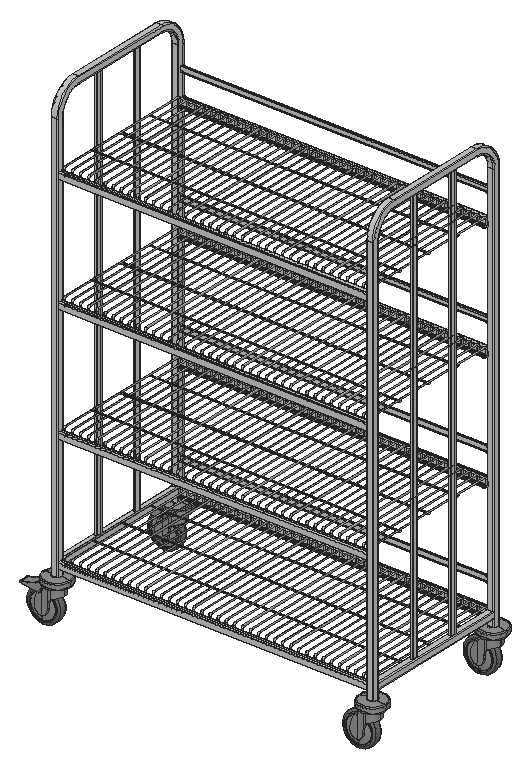
Revit family "QF_BPRO_KTTW 4_575109", category Sonderausstattung, Revit 2018
Family settings
  Bemaßung runder Anschluss = Durchmesser verwenden
  Teiletyp = Normal
  Arbeitsebenenbasiert = Nein
  Immer vertikal = Ja
  Beim Laden mit Abzugskörper schneiden = Nein
  Gemeinsam genutzt = Nein
  Raumberechnungspunkt = Nein
Parameters (values of type "KTTW 4")
  Zubehör = yes
  Warnhinweise = ""
  URL = "https://www.bpro-solutions.com/"
  Typenkommentare = "Systemteilewagen"
  Tiefe = 1276 mm
  Modell = "KTTW 4"
  Material Stoßschutz = QF_Plastic-Dark_Grey-Matt
  Material Rollen = QF_Plastic-Dark_Grey-Matt
  Material = QF_Metal-Stainless-Steel_general
  Länge Gerätebreite = 663 mm
  Kosten = 1279
  Internetadresse für Ersatzteilliste = ""
  Internetadresse Gerätehersteller = "https://www.bpro-solutions.com/"
  ID [instance] = ""
  Höhe = 1801 mm
  Hersteller = "B.PRO GmbH"
  Großküchengerätezuordnung = yes
  Gerätegewicht Netto = 27.00 kg
  Freiraum [instance] = no
  CE Kennzeichnung = yes
  Beschreibung durch Hersteller analog Leistungsverzeichnislangtext = "Abmessungen\n\nLänge:\t\t\t1276 mm\nBreite:\t\t663 mm  \nHöhe:\t\t1801 mm\n\n\nAusführung\n\nDer Systemteilewagen besteht komplett aus CNS 18/10 und dient zur Lagerung von Systemteilen (Kompakttablett Unter- und Oberteile). \nDas Rahmengestell besteht aus stabilen Vierkantrohr 25x25 mm. Dazwischen sind 4 Tragrahmen eingeschweißt, die zur Aufnahme lose eingelegter Roste dienen. Die Roste sind speziell für die Lagerung der o.g. Systemteile ausgerichtet. Stirnseitig sind auf jeder Seite jeweils 2 Vierkantrohre als zusätzliche Verstärkung und Kippsicherung der eingestellten Systemteile vertikal eingeschweißt. Darüber hinaus ist der Systemteilewagen mit einer längsseitigen Durchschubsicherung aus einem eingeschweißten Vierkantrohr je Auflagefläche ausgestattet.\n\nDer Systemteilewagen ist fahrbar mittels rostfreien Kunststoffrollen gemäß DIN 18867-8 (2 Block- und 2 Lenkrollen mit Feststeller, Rollendurchmesser 125 mm). An allen vier Ecken befinden sich runde Wandabweiser.\n\n\nTechnische Daten\n\nWerkstoff:\t\tCNS 18/10\nGewicht:\t\t39 kg\nAuflageflächen: \t4 Stück\nMaß Auflagefläche:\t1150 x 537 mm  \nLichtes Maß zwischen \nden Auflageflächen:\t404 mm\nKapazität:\tca. 60 – 80 Unter- und Oberteile\t\n\t\t\t\n\t\t\t\t\nBesonderheit\n\n•\tmit längsseitiger Durchschubsicherung je Auflagefläche\n\n\nFabrikat\n\nHersteller:\t\t \tB.PRO\nModell:                                \tKTTW 4\nBest.Nr.\t575 109"
  Description = "KTTW 4\nSystemteilewagen mit 4 Ablagen,\nmit Durchschubsicherung,\nkomplett aus Edelstahl, dient zur Lagerung\nvon Systemteilen (Kompakttablett\nUnter- und Oberteile)\nMaß Auflagefläche: 1150 x 537 mm\nLichtes Maß zwischen\nden Auflageflächen: 404 mm\nKapazität: ca. 60 – 80 Unter- und\nOberteile"
  Artikel Nummer = "575109"
Reference planes
  plane 1 "Mitte (Vorne/hinten)": y = 0
  plane 2: z = 0
  plane 3 "Mitte (Links/rechts)": x = 0
  plane 4: y = -281
  plane 5: y = 281
  plane 6 "v": x = -587.5
  plane 7 "h": x = 587.5
  plane 8: x = -600
  plane 9: x = 600
Forms (mm)
  Extrusion 1, solid, material "QF_Metal-Stainless-Steel_general" <- "Material"
    sketch origin (0, 0, 0) x (1, 0, 0) y (0, 0, 1)
      loop
        arc (-597, 225) -> (-599.121, 224.121) -> (-600, 222) r 3
        line (-600, 222) -> (-600, 203)
        arc (-600, 203) -> (-599.121, 200.879) -> (-597, 200) r 3
        line (-597, 200) -> (-578, 200)
        arc (-578, 200) -> (-575.879, 200.879) -> (-575, 203) r 3
        line (-575, 203) -> (-575, 222)
        arc (-575, 222) -> (-575.879, 224.121) -> (-578, 225) r 3
        line (-578, 225) -> (-597, 225)
      loop
        line (597, 225) -> (578, 225)
        arc (578, 225) -> (575.879, 224.121) -> (575, 222) r 3
        line (575, 222) -> (575, 203)
        arc (575, 203) -> (575.879, 200.879) -> (578, 200) r 3
        line (578, 200) -> (597, 200)
        arc (597, 200) -> (599.121, 200.879) -> (600, 203) r 3
        line (600, 203) -> (600, 222)
        arc (600, 222) -> (599.121, 224.121) -> (597, 225) r 3
    from -268.5 to 268.5
  Sweep 2, solid, material "QF_Metal-Stainless-Steel_general" <- "Material"
    path origin (0, 0, 0) x (0, 1, 0) y (0, 0, 1)
      loop
        line (-281, 161.5) -> (-281, 1701)
        arc (-281, 1701) -> (-255.372, 1762.872) -> (-193.5, 1788.5) r 87.5
        line (-193.5, 1788.5) -> (193.5, 1788.5)
        arc (193.5, 1788.5) -> (255.372, 1762.872) -> (281, 1701) r 87.5
        line (281, 1701) -> (281, 161.5)
    profile origin (0, -281, 931.25) x (0, -1, 0) y (1, 0, 0)
      loop
        arc (12.5, -578) -> (11.621, -575.879) -> (9.5, -575) r 3
        line (9.5, -575) -> (-9.5, -575)
        arc (-9.5, -575) -> (-11.621, -575.879) -> (-12.5, -578) r 3
        line (-12.5, -578) -> (-12.5, -597)
        arc (-12.5, -597) -> (-11.621, -599.121) -> (-9.5, -600) r 3
        line (-9.5, -600) -> (9.5, -600)
        arc (9.5, -600) -> (11.621, -599.121) -> (12.5, -597) r 3
        line (12.5, -597) -> (12.5, -578)
  Sweep 3, solid, material "QF_Metal-Stainless-Steel_general" <- "Material"
    path origin (0, 0, 0) x (0, 1, 0) y (0, 0, -1)
      loop
        line (-281, -161.5) -> (-281, -1701)
        arc (-281, -1701) -> (-255.372, -1762.872) -> (-193.5, -1788.5) r 87.5
        line (-193.5, -1788.5) -> (193.5, -1788.5)
        arc (193.5, -1788.5) -> (255.372, -1762.872) -> (281, -1701) r 87.5
        line (281, -1701) -> (281, -161.5)
    profile origin (0, -281, 931.25) x (0, 1, 0) y (-1, 0, 0)
      loop
        line (-12.5, -578) -> (-12.5, -597)
        arc (-12.5, -597) -> (-11.621, -599.121) -> (-9.5, -600) r 3
        line (-9.5, -600) -> (9.5, -600)
        arc (9.5, -600) -> (11.621, -599.121) -> (12.5, -597) r 3
        line (12.5, -597) -> (12.5, -578)
        arc (12.5, -578) -> (11.621, -575.879) -> (9.5, -575) r 3
        line (9.5, -575) -> (-9.5, -575)
        arc (-9.5, -575) -> (-11.621, -575.879) -> (-12.5, -578) r 3
  Extrusion 4, solid, material "QF_Metal-Stainless-Steel_general" <- "Material"
    sketch origin (0, 0, 0) x (1, 0, 0) y (0, 1, 0)
      loop
        arc (-590.5, 99.5) -> (-591.914, 98.914) -> (-592.5, 97.5) r 2
        line (-592.5, 97.5) -> (-592.5, 81.5)
        arc (-592.5, 81.5) -> (-591.914, 80.086) -> (-590.5, 79.5) r 2
        line (-590.5, 79.5) -> (-584.5, 79.5)
        arc (-584.5, 79.5) -> (-583.086, 80.086) -> (-582.5, 81.5) r 2
        line (-582.5, 81.5) -> (-582.5, 97.5)
        arc (-582.5, 97.5) -> (-583.086, 98.914) -> (-584.5, 99.5) r 2
        line (-584.5, 99.5) -> (-590.5, 99.5)
      loop
        line (-590.5, -99.5) -> (-584.5, -99.5)
        arc (-584.5, -99.5) -> (-583.086, -98.914) -> (-582.5, -97.5) r 2
        line (-582.5, -97.5) -> (-582.5, -81.5)
        arc (-582.5, -81.5) -> (-583.086, -80.086) -> (-584.5, -79.5) r 2
        line (-584.5, -79.5) -> (-590.5, -79.5)
        arc (-590.5, -79.5) -> (-591.914, -80.086) -> (-592.5, -81.5) r 2
        line (-592.5, -81.5) -> (-592.5, -97.5)
        arc (-592.5, -97.5) -> (-591.914, -98.914) -> (-590.5, -99.5) r 2
      loop
        line (590.5, 99.5) -> (584.5, 99.5)
        arc (584.5, 99.5) -> (583.086, 98.914) -> (582.5, 97.5) r 2
        line (582.5, 97.5) -> (582.5, 81.5)
        arc (582.5, 81.5) -> (583.086, 80.086) -> (584.5, 79.5) r 2
        line (584.5, 79.5) -> (590.5, 79.5)
        arc (590.5, 79.5) -> (591.914, 80.086) -> (592.5, 81.5) r 2
        line (592.5, 81.5) -> (592.5, 97.5)
        arc (592.5, 97.5) -> (591.914, 98.914) -> (590.5, 99.5) r 2
      loop
        arc (590.5, -99.5) -> (591.914, -98.914) -> (592.5, -97.5) r 2
        line (592.5, -97.5) -> (592.5, -81.5)
        arc (592.5, -81.5) -> (591.914, -80.086) -> (590.5, -79.5) r 2
        line (590.5, -79.5) -> (584.5, -79.5)
        arc (584.5, -79.5) -> (583.086, -80.086) -> (582.5, -81.5) r 2
        line (582.5, -81.5) -> (582.5, -97.5)
        arc (582.5, -97.5) -> (583.086, -98.914) -> (584.5, -99.5) r 2
        line (584.5, -99.5) -> (590.5, -99.5)
    from 225 to 1776
  Extrusion 5, solid, material "QF_Metal-Stainless-Steel_general" <- "Material"
    sketch origin (0, 0, 0) x (0, 1, 0) y (0, 0, 1)
      loop
        arc (278, 330) -> (276.586, 329.414) -> (276, 328) r 2
        line (276, 328) -> (276, 312)
        arc (276, 312) -> (276.586, 310.586) -> (278, 310) r 2
        line (278, 310) -> (284, 310)
        arc (284, 310) -> (285.414, 310.586) -> (286, 312) r 2
        line (286, 312) -> (286, 328)
        arc (286, 328) -> (285.414, 329.414) -> (284, 330) r 2
        line (284, 330) -> (278, 330)
      loop
        arc (278, 763.5) -> (276.586, 762.914) -> (276, 761.5) r 2
        line (276, 761.5) -> (276, 745.5)
        arc (276, 745.5) -> (276.586, 744.086) -> (278, 743.5) r 2
        line (278, 743.5) -> (284, 743.5)
        arc (284, 743.5) -> (285.414, 744.086) -> (286, 745.5) r 2
        line (286, 745.5) -> (286, 761.5)
        arc (286, 761.5) -> (285.414, 762.914) -> (284, 763.5) r 2
        line (284, 763.5) -> (278, 763.5)
      loop
        arc (278, 1197) -> (276.586, 1196.414) -> (276, 1195) r 2
        line (276, 1195) -> (276, 1179)
        arc (276, 1179) -> (276.586, 1177.586) -> (278, 1177) r 2
        line (278, 1177) -> (284, 1177)
        arc (284, 1177) -> (285.414, 1177.586) -> (286, 1179) r 2
        line (286, 1179) -> (286, 1195)
        arc (286, 1195) -> (285.414, 1196.414) -> (284, 1197) r 2
        line (284, 1197) -> (278, 1197)
      loop
        arc (278, 1630.5) -> (276.586, 1629.914) -> (276, 1628.5) r 2
        line (276, 1628.5) -> (276, 1612.5)
        arc (276, 1612.5) -> (276.586, 1611.086) -> (278, 1610.5) r 2
        line (278, 1610.5) -> (284, 1610.5)
        arc (284, 1610.5) -> (285.414, 1611.086) -> (286, 1612.5) r 2
        line (286, 1612.5) -> (286, 1628.5)
        arc (286, 1628.5) -> (285.414, 1629.914) -> (284, 1630.5) r 2
        line (284, 1630.5) -> (278, 1630.5)
    from -575 to 575
  Extrusion 6, solid, visible <- "Freiraum"
    sketch origin (1164.781, 72.403, 0) x (1, 0, 0) y (0, 1, 0)
      loop
        line (-1802.8, 259.116) -> (-1802.8, -403.922) -> (-526.763, -403.922) -> (-526.763, 259.116) -> (-1802.8, 259.116)
    from 0 to 1801
Cuts and joins
  joined: Extrusion 1, Sweep 2, Sweep 3, Extrusion 4, Extrusion 5
Dimensions and locks
  aligned and locked: level to plane 2
Nested families
  nested 1: "Stoßschutz_Typ1" at (-587.5, 281, 173), type "Stoßschutz_Typ1"
  nested 2: "Stoßschutz_Typ1" at (587.5, 281, 173), type "Stoßschutz_Typ1"
  nested 3: "Stoßschutz_Typ1" at (587.5, -281, 173), type "Stoßschutz_Typ1"
  nested 4: "Stoßschutz_Typ1" at (-587.5, -281, 173), type "Stoßschutz_Typ1"
  nested 5: "Rolle_125mm_Typ1_1" at (-587.5, 281, 0) x (0, -1, 0) z (0, 0, 1), type "Bremse ohne Platte"
  nested 6: "Rolle_125mm_Typ1_1" at (-587.5, -281, 0) x (0, -1, 0) z (0, 0, 1), type "Bremse ohne Platte"
  nested 7: "Rolle_125mm_Typ1_1" at (587.5, 281, 0) x (0, -1, 0) z (0, 0, 1), type "ohne Bremse ohne Platte"
  nested 8: "Rolle_125mm_Typ1_1" at (587.5, -281, 0) x (0, -1, 0) z (0, 0, 1), type "ohne Bremse ohne Platte"
  nested 9: "Einlegeboden_Typ2" at (0, 0, 233.963) x (0, 1, 0) z (0, 0, 1), type "Einlegeboden_Typ2"
    with Tiefe 1150 mm, Breite 562 mm, B 534 mm
  nested 10: "Einlegeboden_Typ2" at (0, 0, 667.463) x (0, 1, 0) z (0, 0, 1), type "Einlegeboden_Typ2"
    with Tiefe 1150 mm, Breite 562 mm, B 534 mm
  nested 11: "Einlegeboden_Typ2" at (0, 0, 1100.963) x (0, 1, 0) z (0, 0, 1), type "Einlegeboden_Typ2"
    with Tiefe 1150 mm, Breite 562 mm, B 534 mm
  nested 12: "Einlegeboden_Typ2" at (0, 0, 1534.463) x (0, 1, 0) z (0, 0, 1), type "Einlegeboden_Typ2"
    with Tiefe 1150 mm, Breite 562 mm, B 534 mm
Definition of nested family "Stoßschutz_Typ1"
  Parameters (values of type "Stoßschutz_Typ1")
    Material = none
  Reference planes
    plane 1 "Mitte (Vorne/hinten)": y = 0
    plane 2: z = 0
    plane 3 "Mitte (Links/rechts)": x = 0
    plane 4: z = -13.387
  Forms (mm)
    Revolve 1, solid, material <- "Material"
      sketch origin (0, 0, 0) x (1, 0, 0) y (0, 0, 1)
        loop
          line (0, 0) -> (-20.142, 0)
          arc (-20.142, 0) -> (-33.904, -1.519) -> (-47.593, -3.59) r 344.486
          arc (-47.593, -3.59) -> (-49.69, -4.792) -> (-50.519, -7.062) r 3.522
          line (-50.519, -7.062) -> (-50.519, -22)
          arc (-50.519, -22) -> (-49.933, -23.414) -> (-48.519, -24) r 2
          line (-48.519, -24) -> (-47.519, -24) -> (-47.519, -6.622)
          arc (-47.519, -6.622) -> (-33.8, -4.531) -> (-20.007, -3) r 341.486
          line (-20.007, -3) -> (0, -3) -> (0, 0)
        axis (0, -24) -> (0, 0)
      angle from 0 to 360
  Dimensions and locks
    aligned and locked: level to plane 2
Definition of nested family "Rolle_125mm_Typ1_1"
  Parameters (values of type "Bremse ohne Platte")
    Meterial Felge = none
    Material Rolle = none
    Material Korpus = none
    Bremse = yes
    Befestigungsplatte = no
  Types (4, lengths in mm): name | Bremse | Befestigungsplatte
    Bremse und Platte | yes | yes
    Bremse ohne Platte | yes | no
    ohne Bremse mit Platte | no | yes
    ohne Bremse ohne Platte | no | no
  Reference planes
    plane 1 "Mitte (Vorne/hinten)": y = 0
    plane 2: z = 0
    plane 3 "Mitte (Links/rechts)": x = 0
    plane 4 "achse": y = -40.006
    plane 5: y = -27.583
    plane 6: y = 27.583
    plane 7: x = -19.406
    plane 8: x = 19.406
  Forms (mm)
    Extrusion 1, solid, material <- "Material Korpus"
      sketch origin (0, 0, 0) x (0, 1, 0) y (0, 0, 1)
        loop
          arc (29.483, 153.125) -> (-36.251, 126.766) -> (-66.01, 62.5) r 95.978
          arc (-66.01, 62.5) -> (-40.006, 36.495) -> (-14.001, 62.5) r 26.005
          arc (-14.001, 62.5) -> (-2.667, 96.712) -> (29.483, 112.998) r 47.282
          line (29.483, 112.998) -> (29.483, 153.125)
      from -29.5 to 29.5
    Extrusion 2, void
      sketch origin (0, 0, 0) x (1, 0, 0) y (0, 1, 0)
        loop
          arc (29.5, 0) -> (29.227, -5.123) -> (28.412, -10.188) r 48.241
          arc (28.412, -10.188) -> (26.103, -25.015) -> (25.536, -40.009) r 128.719
          arc (25.536, -40.009) -> (24.89, -53.073) -> (22.96, -66.01) r 132.493
          line (22.96, -66.01) -> (22.96, -71.01) -> (32.96, -71.01) -> (32.96, 33.99) -> (-32.96, 33.99) -> (-32.96, -71.01) -> (-22.96, -71.01) -> (-22.96, -66.01)
          arc (-22.96, -66.01) -> (-24.89, -53.073) -> (-25.536, -40.009) r 132.493
          arc (-25.536, -40.009) -> (-26.103, -25.015) -> (-28.412, -10.188) r 128.719
          arc (-28.412, -10.188) -> (-29.227, -5.123) -> (-29.5, 0) r 48.241
          arc (-29.5, 0) -> (0, 29.5) -> (29.5, 0) r 29.5
        loop
          arc (24.5, 0) -> (0, 24.5) -> (-24.5, 0) r 24.5
          arc (-24.5, 0) -> (-24.255, -4.592) -> (-23.525, -9.132) r 43.241
          arc (-23.525, -9.132) -> (-21.129, -24.509) -> (-20.536, -40.06) r 133.719
          arc (-20.536, -40.06) -> (-19.888, -52.85) -> (-17.96, -65.51) r 127.493
          line (-17.96, -65.51) -> (-17.96, -76.01) -> (17.96, -76.01) -> (17.96, -65.51)
          arc (17.96, -65.51) -> (19.888, -52.85) -> (20.536, -40.06) r 127.493
          arc (20.536, -40.06) -> (21.129, -24.509) -> (23.525, -9.132) r 133.719
          arc (23.525, -9.132) -> (24.255, -4.592) -> (24.5, 0) r 43.241
      from 0 to 161.3
    Extrusion 3, solid, material <- "Material Korpus"
      sketch origin (0, 0, 0) x (1, 0, 0) y (0, 1, 0)
        loop
          circle (0, 0) r 27.583
        loop
          circle (0, 0) r 22.583
      from 132.308 to 154.969
    Extrusion 4, void
      sketch origin (0, 0, 0) x (0, 1, 0) y (0, 0, 1)
        loop
          arc (29.483, 148.125) -> (-1.46, 142.58) -> (-28.669, 126.834) r 90.978
          line (-28.669, 126.834) -> (29.483, 126.834) -> (29.483, 148.125)
      from -30 to 30
    Extrusion 5, solid, material <- "Material Korpus"
      sketch origin (0, 0, 0) x (0, 1, 0) y (0, 0, 1)
        loop
          arc (0, 148.376) -> (-26.751, 134.682) -> (-47.956, 113.387) r 95.978
          line (-47.956, 113.387) -> (-43.905, 110.457)
          arc (-43.905, 110.457) -> (-24.464, 130.157) -> (0, 143.1) r 90.978
          line (0, 143.1) -> (0, 148.376)
      from -23.033 to 23
    Extrusion 6, void
      sketch origin (0, 0, 0) x (1, 0, 0) y (0, 1, 0)
        loop
          circle (-0.017, 0) r 22.583
      from 106.63 to 154.969
    Extrusion 7, void
      sketch origin (0, 0, 0) x (1, 0, 0) y (0, 1, 0)
        loop
          line (-20.288, -47.956) -> (-20.288, -52.956) -> (20.288, -52.956) -> (20.288, -47.956)
          arc (20.288, -47.956) -> (0, -27.669) -> (-20.288, -47.956) r 20.288
      from 83.979 to 153.125
    Revolve 8, solid, material <- "Material Korpus"
      sketch origin (0, 0, 0) x (0, 1, 0) y (0, 0, 1)
        loop
          line (-27.583, 155.817) -> (-22.583, 155.817) -> (-22.583, 154.969) -> (0, 154.969) -> (0, 160.495) -> (-27.583, 160.495) -> (-27.583, 155.817)
        axis (0, 160.495) -> (0, 154.969)
      angle from 0 to 360
    Extrusion 9, solid, material <- "Material Korpus", visible <- "Befestigungsplatte"
      sketch origin (0, 0, 0) x (1, 0, 0) y (0, 1, 0)
        loop
          line (30, 47.5) -> (-30, 47.5)
          arc (-30, 47.5) -> (-33.536, 46.036) -> (-35, 42.5) r 5
          line (-35, 42.5) -> (-35, -42.5)
          arc (-35, -42.5) -> (-33.536, -46.036) -> (-30, -47.5) r 5
          line (-30, -47.5) -> (30, -47.5)
          arc (30, -47.5) -> (33.536, -46.036) -> (35, -42.5) r 5
          line (35, -42.5) -> (35, 42.5)
          arc (35, 42.5) -> (33.536, 46.036) -> (30, 47.5) r 5
      from 158.8 to 161.3
    Revolve 10, solid, material <- "Material Rolle"
      sketch origin (0, -40.006, 0) x (0, 0, -1) y (1, 0, 0)
        loop
          line (-62.5, -12.996) -> (-14.712, -12.996) -> (-14.629, -14.183)
          arc (-14.629, -14.183) -> (-14.012, -15.475) -> (-12.68, -16) r 1.953
          line (-12.68, -16) -> (-7.356, -16)
          arc (-7.356, -16) -> (-3.064, -14.525) -> (-0.584, -10.724) r 6.984
          arc (-0.584, -10.724) -> (0.747, 0) -> (-0.584, 10.724) r 43.854
          arc (-0.584, 10.724) -> (-3.064, 14.525) -> (-7.356, 16) r 6.984
          line (-7.356, 16) -> (-12.68, 16)
          arc (-12.68, 16) -> (-14.012, 15.475) -> (-14.629, 14.183) r 1.953
          line (-14.629, 14.183) -> (-14.712, 12.996) -> (-62.5, 12.996) -> (-62.5, -12.996)
        axis (-62.5, -16) -> (-62.5, 16)
      angle from 0 to 360
    Revolve 11, solid, material <- "Meterial Felge"
      sketch origin (0, -40.006, 0) x (0, 0, -1) y (1, 0, 0)
        loop
          arc (-62.5, -22.767) -> (-38.311, -20.846) -> (-14.712, -15.198) r 156.034
          line (-14.712, -15.198) -> (-14.712, 15.198)
          arc (-14.712, 15.198) -> (-38.311, 20.846) -> (-62.5, 22.767) r 156.034
          line (-62.5, 22.767) -> (-62.5, -22.767)
        axis (-62.5, -22.767) -> (-62.5, 22.767)
      angle from 0 to 360
    Extrusion 12, solid, material <- "Material Korpus", visible <- "Bremse"
      sketch origin (0, 0, 0) x (0, 1, 0) y (0, 0, 1)
        loop
          arc (-49.4, 105.824) -> (-29.128, 129.052) -> (-2.377, 144.374) r 92.978
          line (-2.377, 144.374) -> (-24.983, 146.448)
          arc (-24.983, 146.448) -> (-43.484, 142.245) -> (-61.13, 135.276) r 124.365
          arc (-61.13, 135.276) -> (-90.048, 124.527) -> (-120.492, 119.527) r 160.001
          arc (-120.492, 119.527) -> (-121.721, 118.993) -> (-122.334, 117.801) r 1.991
          line (-122.334, 117.801) -> (-123.025, 112.581) -> (-49.4, 105.824)
      from -25 to 25
    Extrusion 13, void
      sketch origin (0, 0, 0) x (1, 0, 0) y (0, 1, 0)
        loop
          line (-24.687, -2.377) -> (-40, -2.377) -> (-40, -137.377) -> (-17.56, -137.377)
          arc (-17.56, -137.377) -> (-23.153, -69.984) -> (-24.687, -2.377) r 1125.228
        loop
          arc (-21.687, -2.377) -> (-20.149, -69.984) -> (-14.54, -137.377) r 1122.228
          line (-14.54, -137.377) -> (14.54, -137.377)
          arc (14.54, -137.377) -> (20.149, -69.984) -> (21.687, -2.377) r 1122.228
          line (21.687, -2.377) -> (-21.687, -2.377)
        loop
          arc (24.687, -2.377) -> (23.153, -69.984) -> (17.56, -137.377) r 1125.228
          line (17.56, -137.377) -> (40, -137.377) -> (40, -2.377) -> (24.687, -2.377)
      from 100.163 to 161.8
    Extrusion 14, void
      sketch origin (0, 0, 0) x (1, 0, 0) y (0, 1, 0)
        loop
          circle (0, 0) r 27.583
      from 83.929 to 175.029
    Extrusion 15, solid, material <- "Material Korpus", visible <- "Bremse"
      sketch origin (0, 0, 0) x (0, 1, 0) y (0, 0, 1)
        loop
          line (-12.244, 145.279) -> (-24.983, 146.448)
          arc (-24.983, 146.448) -> (-43.484, 142.245) -> (-61.13, 135.276) r 124.365
          arc (-61.13, 135.276) -> (-90.048, 124.527) -> (-120.492, 119.527) r 160.001
          arc (-120.492, 119.527) -> (-121.721, 118.993) -> (-122.334, 117.801) r 1.991
          line (-122.334, 117.801) -> (-123.013, 112.668) -> (-120.843, 112.381) -> (-120.293, 116.533)
          arc (-120.293, 116.533) -> (-89.279, 121.627) -> (-59.819, 132.578) r 163.001
          arc (-59.819, 132.578) -> (-42.769, 139.326) -> (-24.897, 143.428) r 121.365
          line (-24.897, 143.428) -> (-12.244, 142.267) -> (-12.244, 145.279)
      from -30 to 30
    Extrusion 16, void
      sketch origin (0, 0, 0) x (1, 0, 0) y (0, 1, 0)
        loop
          line (-21.718, -9.744) -> (-35.589, -9.744) -> (-35.589, -127.783) -> (-15.589, -127.783)
          arc (-15.589, -127.783) -> (-20.208, -68.844) -> (-21.718, -9.744) r 1122.228
        loop
          line (15.589, -127.783) -> (35.589, -127.783) -> (35.589, -9.744) -> (21.718, -9.744)
          arc (21.718, -9.744) -> (20.208, -68.844) -> (15.589, -127.783) r 1122.228
      from 95.424 to 163.646
  Cuts and joins
    Extrusion 2 cuts Extrusion 1
    Extrusion 4 cuts Extrusion 3
    Extrusion 6, Extrusion 7 cuts Extrusion 5
    joined: Extrusion 1, Extrusion 3, Extrusion 5
    Extrusion 13, Extrusion 14 cuts Extrusion 12
    Extrusion 14, Extrusion 16 cuts Extrusion 15
  Dimensions and locks
    aligned and locked: level to plane 2
Definition of nested family "Einlegeboden_Typ2"
  Parameters (values of type "Einlegeboden_Typ2")
    Tiefe = 1000 mm
    Material = none
    Breite = 650 mm
    B = Breite - 28 mm  # 622 mm
    Anzahl = 39
  Reference planes
    plane 1 "Mitte (Vorne/hinten)": y = 0
    plane 2: z = 0
    plane 3 "Mitte (Links/rechts)": x = 0
    plane 4: x = -325
    plane 5: x = -311.005
    plane 6: x = 325
    plane 7: x = 311.005
    plane 8: y = -500
    plane 9: y = 500
    plane 10: y = -496.503
    plane 11: y = 496.503
    plane 12: z = -6
    plane 13: z = -31.963
    plane 14: x = 307.005
    plane 15: x = -307.005
    plane 16: z = -29.963
    plane 17: y = -498.503
    plane 18: y = 498.503
    plane 19: x = -155.503
    plane 20: x = 155.503
  Forms (mm)
    Extrusion 1, solid, material <- "Material"
      sketch origin (0, 0, 0) x (1, 0, 0) y (0, 0, 1)
        loop
          line (-335, -33.963) -> (-333, -33.963) -> (-333, -12.963)
          arc (-333, -12.963) -> (-332.414, -11.549) -> (-331, -10.963) r 2
          line (-331, -10.963) -> (-319, -10.963)
          arc (-319, -10.963) -> (-317.586, -11.549) -> (-317, -12.963) r 2
          line (-317, -12.963) -> (-317, -29.963)
          arc (-317, -29.963) -> (-315.828, -32.792) -> (-313, -33.963) r 4
          line (-313, -33.963) -> (-302, -33.963) -> (-302, -31.963) -> (-313, -31.963)
          arc (-313, -31.963) -> (-314.414, -31.378) -> (-315, -29.963) r 2
          line (-315, -29.963) -> (-315, -12.963)
          arc (-315, -12.963) -> (-316.172, -10.135) -> (-319, -8.963) r 4
          line (-319, -8.963) -> (-331, -8.963)
          arc (-331, -8.963) -> (-333.828, -10.135) -> (-335, -12.963) r 4
          line (-335, -12.963) -> (-335, -33.963)
        loop
          line (335, -33.963) -> (335, -12.963)
          arc (335, -12.963) -> (333.828, -10.135) -> (331, -8.963) r 4
          line (331, -8.963) -> (319, -8.963)
          arc (319, -8.963) -> (316.172, -10.135) -> (315, -12.963) r 4
          line (315, -12.963) -> (315, -29.963)
          arc (315, -29.963) -> (314.414, -31.378) -> (313, -31.963) r 2
          line (313, -31.963) -> (302, -31.963) -> (302, -33.963) -> (313, -33.963)
          arc (313, -33.963) -> (315.828, -32.792) -> (317, -29.963) r 4
          line (317, -29.963) -> (317, -12.963)
          arc (317, -12.963) -> (317.586, -11.549) -> (319, -10.963) r 2
          line (319, -10.963) -> (331, -10.963)
          arc (331, -10.963) -> (332.414, -11.549) -> (333, -12.963) r 2
          line (333, -12.963) -> (333, -33.963) -> (335, -33.963)
      from -500 to 500
    Extrusion 2, solid, material <- "Material"
      sketch origin (0, 0, 0) x (1, 0, 0) y (0, 0, 1)
        loop
          circle (-307.005, -29.963) r 2
        loop
          circle (-155.503, -6) r 2
        loop
          circle (0, -6) r 2
        loop
          circle (155.503, -6) r 2
        loop
          circle (307.005, -29.963) r 2
      from -498.503 to 498.503
  Lines and regions (mm)
    symbolic lines
      curve 1: line (0, -498.5, -3.963) -> (0, -494.507, -3.963)
  Dimensions and locks
    locked: plane 4 to plane 5 at 13.995
    locked: plane 6 to plane 7 at 13.995
    equal spacing: plane 4, plane 3 "Mitte (Links/rechts)", plane 6
    "Breite": plane 4 to plane 6
    equal spacing: plane 8, plane 1 "Mitte (Vorne/hinten)", plane 9
    "Tiefe": plane 8 to plane 9
    locked: plane 8 to plane 10 at 3.497
    locked: plane 9 to plane 11 at 3.497
    Extrusion 1 sketch curve to Extrusion 1 sketch curve to Extrusion 1 sketch curve to plane 4 to Extrusion 1 sketch curve to Extrusion 1 sketch curve = 13 mm locked, 2 mm locked, 8 mm locked, 8 mm locked, 2 mm locked
    Extrusion 1 sketch curve to Extrusion 1 sketch curve to Extrusion 1 sketch curve to plane 6 to Extrusion 1 sketch curve to Extrusion 1 sketch curve = 13 mm locked, 2 mm locked, 8 mm locked, 8 mm locked, 2 mm locked
    equal spacing: group 1, group 3, group 4, group 5, group 6, group 7, group 8, group 9, group 10, group 11, group 12, group 13, group 14, group 15, group 16, group 17, group 18, group 19, group 20, group 21, group 22, group 23, group 24, group 25, group 26, group 27, group 28, group 29, group 30, group 31, group 32, group 33, group 34, group 35, group 36, group 37, group 38, group 39, group 2  (x3)
    locked: plane 7 to plane 14 at 4
    locked: plane 5 to plane 15 at 4
    locked: plane 17 to plane 10 at 2
    locked: plane 11 to plane 18 at 2
    equal spacing: plane 7, plane 20, plane 3 "Mitte (Links/rechts)"
    equal spacing: plane 3 "Mitte (Links/rechts)", plane 19, plane 5
    aligned and locked: level to plane 2
    aligned and locked: plane 8 to Extrusion 1
    aligned and locked: plane 9 to Extrusion 1
    aligned and locked: plane 10 to nested 1
    aligned and locked: nested 1 to plane 5
    aligned and locked: nested 2 to plane 11
    aligned and locked: plane 18 to Extrusion 2
    aligned and locked: plane 17 to Extrusion 2
  Automatic sketch dimensions
    curve 1 to plane 8 = 1.5 mm
    curve 1 to level = 3.963 mm
    curve 1 to curve 1 = 3.993 mm
    Extrusion 1 sketch curve to Extrusion 1 sketch curve = 0 mm  (x12)
    Extrusion 1 sketch curve to Extrusion 1 sketch curve = 2 mm  (x4)
    plane 5 to Extrusion 1 sketch curve = 1.995 mm
    plane 7 to Extrusion 1 sketch curve = 1.995 mm
    Extrusion 1 sketch curve to level = 33.963 mm  (x2)
    Extrusion 1 sketch curve to level = 12.963 mm  (x2)
    plane 15 to Extrusion 2 sketch curve = 0 mm
    Extrusion 2 sketch curve to plane 12 = 0 mm  (x3)
    Extrusion 2 sketch curve to plane 19 = 0 mm
    Extrusion 2 sketch curve to plane 3 "Mitte (Links/rechts)" = 0 mm
    Extrusion 2 sketch curve to plane 20 = 0 mm
    Extrusion 2 sketch curve to plane 14 = 0 mm
    Extrusion 2 sketch curve to plane 16 = 0 mm  (x2)
    radius of Extrusion 2 sketch curve = 2 mm  (x5)
  Nested families
    nested 1: "Stange" at (-0.005, -496.503, 0), Breite <- "B", type "Stange"
      with Breite 622 mm
    nested 2: "Stange" at (0, 496.503, 0), Breite <- "B", type "Stange"
      with Breite 622 mm
    nested 3: "Stange" at (-0.005, -470.372, 0), Breite <- "B", type "Stange"
      with Breite 622 mm
    nested 4: "Stange" at (-0.005, -444.24, 0), Breite <- "B", type "Stange"
      with Breite 622 mm
    nested 5: "Stange" at (-0.005, -418.108, 0), Breite <- "B", type "Stange"
      with Breite 622 mm
    nested 6: "Stange" at (-0.005, -391.976, 0), Breite <- "B", type "Stange"
      with Breite 622 mm
    nested 7: "Stange" at (-0.005, -365.845, 0), Breite <- "B", type "Stange"
      with Breite 622 mm
    nested 8: "Stange" at (-0.005, -339.713, 0), Breite <- "B", type "Stange"
      with Breite 622 mm
    nested 9: "Stange" at (-0.004, -313.581, 0), Breite <- "B", type "Stange"
      with Breite 622 mm
    nested 10: "Stange" at (-0.004, -287.449, 0), Breite <- "B", type "Stange"
      with Breite 622 mm
    nested 11: "Stange" at (-0.004, -261.318, 0), Breite <- "B", type "Stange"
      with Breite 622 mm
    nested 12: "Stange" at (-0.004, -235.186, 0), Breite <- "B", type "Stange"
      with Breite 622 mm
    nested 13: "Stange" at (-0.004, -209.054, 0), Breite <- "B", type "Stange"
      with Breite 622 mm
    nested 14: "Stange" at (-0.004, -182.922, 0), Breite <- "B", type "Stange"
      with Breite 622 mm
    nested 15: "Stange" at (-0.004, -156.791, 0), Breite <- "B", type "Stange"
      with Breite 622 mm
    nested 16: "Stange" at (-0.003, -130.659, 0), Breite <- "B", type "Stange"
      with Breite 622 mm
    nested 17: "Stange" at (-0.003, -104.527, 0), Breite <- "B", type "Stange"
      with Breite 622 mm
    nested 18: "Stange" at (-0.003, -78.395, 0), Breite <- "B", type "Stange"
      with Breite 622 mm
    nested 19: "Stange" at (-0.003, -52.264, 0), Breite <- "B", type "Stange"
      with Breite 622 mm
    nested 20: "Stange" at (-0.003, -26.132, 0), Breite <- "B", type "Stange"
      with Breite 622 mm
    nested 21: "Stange" at (-0.003, 0, 0), Breite <- "B", type "Stange"
      with Breite 622 mm
    nested 22: "Stange" at (-0.003, 26.132, 0), Breite <- "B", type "Stange"
      with Breite 622 mm
    nested 23: "Stange" at (-0.002, 52.264, 0), Breite <- "B", type "Stange"
      with Breite 622 mm
    nested 24: "Stange" at (-0.002, 78.395, 0), Breite <- "B", type "Stange"
      with Breite 622 mm
    nested 25: "Stange" at (-0.002, 104.527, 0), Breite <- "B", type "Stange"
      with Breite 622 mm
    nested 26: "Stange" at (-0.002, 130.659, 0), Breite <- "B", type "Stange"
      with Breite 622 mm
    nested 27: "Stange" at (-0.002, 156.791, 0), Breite <- "B", type "Stange"
      with Breite 622 mm
    nested 28: "Stange" at (-0.002, 182.922, 0), Breite <- "B", type "Stange"
      with Breite 622 mm
    nested 29: "Stange" at (-0.002, 209.054, 0), Breite <- "B", type "Stange"
      with Breite 622 mm
    nested 30: "Stange" at (-0.001, 235.186, 0), Breite <- "B", type "Stange"
      with Breite 622 mm
    nested 31: "Stange" at (-0.001, 261.318, 0), Breite <- "B", type "Stange"
      with Breite 622 mm
    nested 32: "Stange" at (-0.001, 287.449, 0), Breite <- "B", type "Stange"
      with Breite 622 mm
    nested 33: "Stange" at (-0.001, 313.581, 0), Breite <- "B", type "Stange"
      with Breite 622 mm
    nested 34: "Stange" at (-0.001, 339.713, 0), Breite <- "B", type "Stange"
      with Breite 622 mm
    nested 35: "Stange" at (-0.001, 365.845, 0), Breite <- "B", type "Stange"
      with Breite 622 mm
    nested 36: "Stange" at (-0.001, 391.976, 0), Breite <- "B", type "Stange"
      with Breite 622 mm
    nested 37: "Stange" at (0, 418.108, 0), Breite <- "B", type "Stange"
      with Breite 622 mm
    nested 38: "Stange" at (0, 444.24, 0), Breite <- "B", type "Stange"
      with Breite 622 mm
    nested 39: "Stange" at (0, 470.372, 0), Breite <- "B", type "Stange"
      with Breite 622 mm
  Definition of nested family "Stange"
    Parameters (values of type "Stange")
      Material = none
      Breite [instance] = 600 mm
    Reference planes
      plane 1 "Mitte (Vorne/hinten)": y = 0
      plane 2: z = 0
      plane 3 "Mitte (Links/rechts)": x = 0
      plane 4: x = -300
      plane 5: x = 300
      plane 6: z = -32
    Forms (mm)
      Sweep 1, solid, material <- "Material", detail levels fine
        path origin (0, 0, 0) x (1, 0, 0) y (0, 0, 1)
          loop
            line (300, -32) -> (300, -6.549)
            arc (300, -6.549) -> (298.668, -3.332) -> (295.451, -2) r 4.549
            line (295.451, -2) -> (-295, -2)
            arc (-295, -2) -> (-298.536, -3.464) -> (-300, -7) r 5
            line (-300, -7) -> (-300, -32)
        profile origin (300, 0, -19.275) x (-1, 0, 0) y (0, -1, 0)
          loop
            circle (0, 0) r 2
    Dimensions and locks
      equal spacing: plane 4, plane 3 "Mitte (Links/rechts)", plane 5
      "Breite": plane 4 to plane 5
      plane 4 to plane 3 "Mitte (Links/rechts)" = 300 mm
      plane 3 "Mitte (Links/rechts)" to plane 5 = 300 mm
      locked: plane 2 to Sweep 1 sketch curve at 2
      aligned and locked: level to plane 2
      aligned and locked: plane 5 to Sweep 1 sketch curve
      aligned and locked: plane 6 to Sweep 1 sketch curve  (x2)
      aligned and locked: Sweep 1 sketch curve to plane 4
    Automatic sketch dimensions
      plane 1 "Mitte (Vorne/hinten)" to Sweep 1 sketch curve = 0 mm
      Sweep 1 sketch curve to profile plane = 0 mm
      Sweep 1 sketch curve to plane 5 = 4.549 mm
      Sweep 1 sketch curve to Sweep 1 sketch curve = 5 mm
      radius of Sweep 1 sketch curve = 2 mm
